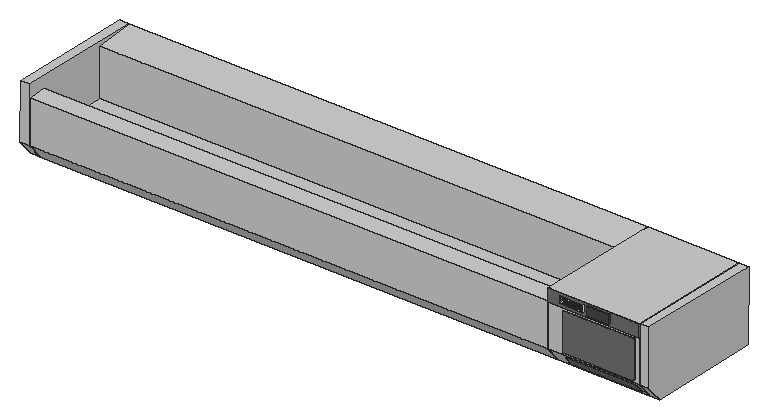
Revit family "Qf_Afinox_VRS2005S", category Specialty Equipment, Revit 2014
Parameters
  Show Logo [instance] = yes
  Show Clearance [instance] = yes
Reference planes
  plane 1 "Back": y = 0
  plane 2: z = 0
  plane 3 "Left": x = 0
  plane 4 "Right": x = 2005
  plane 5 "Front": y = -395
  plane 6 "Top": z = 225
Forms (mm)
  Extrusion 1, solid
    sketch origin (905, 0, 0) x (0, 1, 0) y (0, 0, 1)
      loop
        line (0, 225) -> (-118.091, 213.424) -> (-118.091, 63.424) -> (-342.706, 63.424) -> (-342.706, 191.405) -> (-395, 186.278) -> (-395, 50) -> (-354.511, 0) -> (0, 0) -> (0, 225)
    from -875 to 778
  Extrusion 2, solid
    sketch origin (0, 0, 0) x (0, 1, 0) y (0, 0, 1)
      loop
        line (0, 225) -> (-395, 225) -> (-395, 50) -> (-354.511, 0) -> (0, 0) -> (0, 225)
    from 0 to 30
  Extrusion 3, solid
    sketch origin (1975, 0, 0) x (0, 1, 0) y (0, 0, 1)
      loop
        line (0, 225) -> (-395, 225) -> (-395, 50) -> (-354.511, 0) -> (0, 0) -> (0, 225)
    from 0 to 30
  Extrusion 4, solid
    sketch origin (1945, 0, 0) x (0, 1, 0) y (0, 0, 1)
      loop
        line (0, 225) -> (-395, 225) -> (-395, 50) -> (-354.511, 0) -> (0, 0) -> (0, 225)
    from -262 to 30
  Extrusion 5, solid
    sketch origin (905, -394, -0.038) x (1, 0, 0) y (0, 0, 1)
      loop
        arc (829.65, 178.011) -> (827.352, 177.059) -> (826.4, 174.761) r 3.25
        line (826.4, 174.761) -> (826.4, 59.261)
        arc (826.4, 59.261) -> (827.352, 56.963) -> (829.65, 56.011) r 3.25
        line (829.65, 56.011) -> (1050.15, 56.011)
        arc (1050.15, 56.011) -> (1052.448, 56.963) -> (1053.4, 59.261) r 3.25
        line (1053.4, 59.261) -> (1053.4, 174.761)
        arc (1053.4, 174.761) -> (1052.448, 177.059) -> (1050.15, 178.011) r 3.25
        line (1050.15, 178.011) -> (829.65, 178.011)
    from 0 to 2
  Extrusion 6, solid
    sketch origin (905, -273.564, -98.372) x (1, 0, 0) y (0, -0.62932, 0.777146)
      loop
        arc (829.65, 178.011) -> (827.352, 177.059) -> (826.4, 174.761) r 3.25
        line (826.4, 174.761) -> (826.4, 141.843)
        arc (826.4, 141.843) -> (827.352, 139.544) -> (829.65, 138.593) r 3.25
        line (829.65, 138.593) -> (1050.15, 138.593)
        arc (1050.15, 138.593) -> (1052.448, 139.544) -> (1053.4, 141.843) r 3.25
        line (1053.4, 141.843) -> (1053.4, 174.761)
        arc (1053.4, 174.761) -> (1052.448, 177.059) -> (1050.15, 178.011) r 3.25
        line (1050.15, 178.011) -> (829.65, 178.011)
    from 0 to 2
  Extrusion 7, solid
    sketch origin (897.335, -397, -1.215) x (1, 0, 0) y (0, 0, 1)
      loop
        line (912.065, 221.354) -> (912.065, 192.354) -> (983.065, 192.354) -> (983.065, 221.354) -> (912.065, 221.354)
    from 0 to 3
  Extrusion 8, solid, visible <- "Show Logo"
    sketch origin (1542.556, -397, -384.108) x (1, 0, 0) y (0, 0, 1)
      loop
        line (179.287, 599.596) -> (179.287, 579.899) -> (254.287, 579.899) -> (254.287, 599.596) -> (179.287, 599.596)
      loop
        line (199.226, 597.323) -> (199.226, 582.172) -> (253.014, 582.172) -> (253.014, 597.323) -> (199.226, 597.323)
      loop
        line (180.287, 597.323) -> (180.287, 582.172) -> (198.848, 582.172) -> (198.848, 597.323) -> (180.287, 597.323)
    from 0 to 2
  Extrusion 9, solid, visible <- "Show Logo"
    sketch origin (749.53, -397, -622.718) x (1, 0, 0) y (0, 0, 1)
      loop
        arc (994.034, 825.04) -> (994.842, 823.416) -> (996.479, 824.198) r 1.293
        line (996.479, 824.198) -> (996.958, 825.22) -> (1000.192, 825.22) -> (1000.6, 824.198)
        arc (1000.6, 824.198) -> (1002.252, 823.366) -> (1003.039, 825.04) r 1.291
        line (1003.039, 825.04) -> (999.801, 832.415)
        arc (999.801, 832.415) -> (998.57, 833.402) -> (997.337, 832.418) r 1.263
        line (997.337, 832.418) -> (994.034, 825.04)
      loop
        line (999.576, 827.427) -> (998.603, 829.738) -> (997.631, 827.445) -> (999.576, 827.427)
      loop
        line (1004.344, 832.421) -> (1004.344, 824.556)
        arc (1004.344, 824.556) -> (1005.631, 823.448) -> (1006.918, 824.556) r 1.302
        line (1006.918, 824.556) -> (1006.918, 827.178) -> (1010.126, 827.178)
        arc (1010.126, 827.178) -> (1011.3, 828.493) -> (1010.126, 829.808) r 1.323
        line (1010.126, 829.808) -> (1006.918, 829.808) -> (1006.918, 830.954) -> (1010.126, 830.954)
        arc (1010.126, 830.954) -> (1011.264, 832.233) -> (1010.126, 833.511) r 1.287
        line (1010.126, 833.511) -> (1005.326, 833.511)
        arc (1005.326, 833.511) -> (1004.652, 833.13) -> (1004.344, 832.421) r 1.22
      loop
        line (1012.593, 832.457) -> (1012.593, 824.488)
        arc (1012.593, 824.488) -> (1013.928, 823.343) -> (1015.262, 824.488) r 1.35
        line (1015.262, 824.488) -> (1015.262, 832.457)
        arc (1015.262, 832.457) -> (1013.928, 833.516) -> (1012.593, 832.457) r 1.37
      loop
        arc (1019.372, 832.457) -> (1018.038, 833.516) -> (1016.703, 832.457) r 1.37
        line (1016.703, 832.457) -> (1016.703, 824.488)
        arc (1016.703, 824.488) -> (1018.038, 823.343) -> (1019.372, 824.488) r 1.35
        line (1019.372, 824.488) -> (1019.372, 828.473) -> (1022.448, 824.488)
        arc (1022.448, 824.488) -> (1023.783, 823.343) -> (1025.118, 824.488) r 1.35
        line (1025.118, 824.488) -> (1025.118, 832.457)
        arc (1025.118, 832.457) -> (1023.783, 833.516) -> (1022.448, 832.457) r 1.37
        line (1022.448, 832.457) -> (1022.448, 828.473) -> (1019.372, 832.457)
      loop
        circle (1031.159, 828.429) r 5.095
      loop
        circle (1031.159, 828.429) r 2.733
      loop
        line (1036.425, 831.5) -> (1038.763, 828.375) -> (1036.365, 825.267)
        arc (1036.365, 825.267) -> (1036.712, 823.621) -> (1038.393, 823.703) r 1.296
        line (1038.393, 823.703) -> (1040.42, 826.313) -> (1042.28, 823.703)
        arc (1042.28, 823.703) -> (1043.993, 823.58) -> (1044.434, 825.238) r 1.346
        line (1044.434, 825.238) -> (1042.048, 828.408) -> (1044.37, 831.408)
        arc (1044.37, 831.408) -> (1044.07, 833.196) -> (1042.269, 832.987) r 1.316
        line (1042.269, 832.987) -> (1040.366, 830.453) -> (1038.502, 833.054)
        arc (1038.502, 833.054) -> (1036.78, 833.19) -> (1036.425, 831.5) r 1.308
      loop
        line (1046.04, 835.933) -> (992.253, 835.933) -> (992.253, 820.782) -> (1046.04, 820.782) -> (1046.04, 835.933)
    from 0 to 2
  Extrusion 10, solid, visible <- "Show Logo"
    sketch origin (742.402, -397, -442.664) x (1, 0, 0) y (0, 0, 1)
      loop
        line (980.441, 655.879) -> (980.441, 640.728) -> (999.001, 640.728) -> (999.001, 655.879) -> (980.441, 655.879)
      loop
        arc (982.146, 642.435) -> (982.404, 641.667) -> (983.211, 641.586) r 0.747
        line (983.211, 641.586) -> (989.781, 644.576) -> (996.334, 641.6)
        arc (996.334, 641.6) -> (997.088, 641.702) -> (997.296, 642.435) r 0.695
        line (997.296, 642.435) -> (990.231, 654.688)
        arc (990.231, 654.688) -> (989.721, 654.992) -> (989.211, 654.688) r 0.58
        line (989.211, 654.688) -> (982.146, 642.435)
    from 0 to 2
  Extrusion 11, solid, visible <- "Show Logo"
    sketch origin (708.114, -397, -392.26) x (1, 0, 0) y (0, 0, 1)
      loop
        arc (1016.435, 592.031) -> (1016.693, 591.262) -> (1017.5, 591.182) r 0.747
        line (1017.5, 591.182) -> (1024.07, 594.172) -> (1030.623, 591.195)
        arc (1030.623, 591.195) -> (1031.377, 591.298) -> (1031.584, 592.031) r 0.695
        line (1031.584, 592.031) -> (1024.52, 604.283)
        arc (1024.52, 604.283) -> (1024.01, 604.588) -> (1023.5, 604.283) r 0.58
        line (1023.5, 604.283) -> (1016.435, 592.031)
      loop
        arc (1035.45, 594.582) -> (1036.258, 592.958) -> (1037.895, 593.739) r 1.293
        line (1037.895, 593.739) -> (1038.374, 594.762) -> (1041.608, 594.762) -> (1042.016, 593.739)
        arc (1042.016, 593.739) -> (1043.668, 592.908) -> (1044.455, 594.582) r 1.291
        line (1044.455, 594.582) -> (1041.218, 601.957)
        arc (1041.218, 601.957) -> (1039.986, 602.943) -> (1038.753, 601.959) r 1.263
        line (1038.753, 601.959) -> (1035.45, 594.582)
      loop
        line (1040.992, 596.969) -> (1040.02, 599.279) -> (1039.047, 596.987) -> (1040.992, 596.969)
      loop
        arc (1045.76, 594.097) -> (1047.047, 592.99) -> (1048.334, 594.097) r 1.302
        line (1048.334, 594.097) -> (1048.334, 596.72) -> (1051.542, 596.72)
        arc (1051.542, 596.72) -> (1052.716, 598.035) -> (1051.542, 599.35) r 1.323
        line (1051.542, 599.35) -> (1048.334, 599.35) -> (1048.334, 600.496) -> (1051.542, 600.496)
        arc (1051.542, 600.496) -> (1052.681, 601.774) -> (1051.542, 603.052) r 1.287
        line (1051.542, 603.052) -> (1046.742, 603.052)
        arc (1046.742, 603.052) -> (1046.069, 602.672) -> (1045.76, 601.962) r 1.22
        line (1045.76, 601.962) -> (1045.76, 594.097)
      loop
        arc (1054.01, 594.029) -> (1055.344, 592.884) -> (1056.679, 594.029) r 1.35
        line (1056.679, 594.029) -> (1056.679, 601.999)
        arc (1056.679, 601.999) -> (1055.344, 603.058) -> (1054.01, 601.999) r 1.37
        line (1054.01, 601.999) -> (1054.01, 594.029)
      loop
        arc (1058.12, 594.029) -> (1059.454, 592.884) -> (1060.789, 594.029) r 1.35
        line (1060.789, 594.029) -> (1060.789, 598.014) -> (1063.865, 594.029)
        arc (1063.865, 594.029) -> (1065.199, 592.884) -> (1066.534, 594.029) r 1.35
        line (1066.534, 594.029) -> (1066.534, 601.999)
        arc (1066.534, 601.999) -> (1065.199, 603.058) -> (1063.865, 601.999) r 1.37
        line (1063.865, 601.999) -> (1063.865, 598.014) -> (1060.789, 601.999)
        arc (1060.789, 601.999) -> (1059.454, 603.058) -> (1058.12, 601.999) r 1.37
        line (1058.12, 601.999) -> (1058.12, 594.029)
      loop
        circle (1072.575, 597.971) r 5.095
      loop
        circle (1072.575, 597.971) r 2.733
      loop
        line (1080.18, 597.917) -> (1077.782, 594.809)
        arc (1077.782, 594.809) -> (1078.129, 593.163) -> (1079.809, 593.245) r 1.296
        line (1079.809, 593.245) -> (1081.836, 595.854) -> (1083.697, 593.245)
        arc (1083.697, 593.245) -> (1085.409, 593.121) -> (1085.851, 594.78) r 1.346
        line (1085.851, 594.78) -> (1083.464, 597.949) -> (1085.787, 600.95)
        arc (1085.787, 600.95) -> (1085.486, 602.737) -> (1083.686, 602.528) r 1.316
        line (1083.686, 602.528) -> (1081.782, 599.994) -> (1079.918, 602.596)
        arc (1079.918, 602.596) -> (1078.197, 602.731) -> (1077.841, 601.041) r 1.308
        line (1077.841, 601.041) -> (1080.18, 597.917)
    from 0 to 2
  Extrusion 12, solid
    sketch origin (770.935, -395, 3.646) x (1, 0, 0) y (0, 0, 1)
      loop
        line (912.065, 221.354) -> (912.065, 182.633) -> (1204.065, 182.633) -> (1204.065, 221.354) -> (912.065, 221.354)
    from 0 to 2
  Extrusion 13, solid
    sketch origin (905, -6.8, 0) x (1, 0, 0) y (0, 0, 1)
      loop
        circle (1050, 20) r 5
    from -17.6 to -6.8
  Extrusion 14, solid
    sketch origin (905, 0, 0) x (1, 0, 0) y (0, 0, 1)
      loop
        line (-875, 13) -> (1070, 13) -> (1070, 186) -> (-875, 186) -> (-875, 13)
      loop
        circle (1050, 20) r 5
    from -10.8 to 0
Lines and regions (mm)
  symbolic lines, style "200-EquipBorder-2D"
    curve 1: line (0, 0, 0) -> (2005, 0, 0)
    curve 2: line (0, -395, 0) -> (0, 0, 0)
    curve 3: line (2005, -395, 0) -> (0, -395, 0)
    curve 4: line (2005, 0, 0) -> (2005, -395, 0)
    curve 10: line (30, 0, 0) -> (30, 10.8, 0)
    curve 11: line (30, 10.8, 0) -> (1975, 10.8, 0)
    curve 12: line (1975, 10.8, 0) -> (1975, 0, 0)
  symbolic lines, style "200-EquipInternal-2D"
    curve 5: line (30, 0, 0) -> (30, -395, 0)
    curve 6: line (1683, 0, 0) -> (1683, -395, 0)
    curve 7: line (1975, 0, 0) -> (1975, -395, 0)
    curve 8: line (1683, -342.706, 0) -> (30, -342.706, 0)
    curve 9: line (30, -118.091, 0) -> (1683, -118.091, 0)
Dimensions and locks
  plane 3 "Left" to plane 4 "Right" = 2005 mm
  plane 5 "Front" to plane 1 "Back" = 395 mm
  plane 6 "Top" to level = 225 mm
  aligned and locked: level to plane 2
  aligned and locked: Extrusion 1 to Extrusion 2
  aligned and locked: Extrusion 14 to Extrusion 1
Connectors
  electrical at (1955, 10.8, 20)
    settings: on Extrusion 13, index 1, voltage 0 V, apparent load 0 VA, apparent load phase1 0 VA, apparent load phase2 0 VA, apparent load phase3 0 VA, power factor 1, load classification "Other", number of poles 1, system type 31, power factor state 1, is connector primary yes, connector utility no, sub classification motor no, connector description "Electrical connection"
